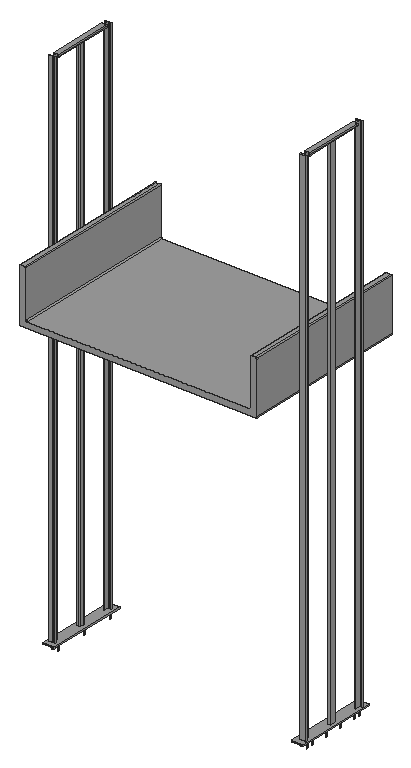
Revit family "2SE_Trez_TC_2C_1000_With_Pit", category Specialty Equipment, Revit 2019
Family settings
  Round Connector Dimension = Use Diameter
  Part Type = Normal
  Work Plane-Based = No
  Always vertical = Yes
  Cut with Voids When Loaded = Yes
  Shared = No
  Room Calculation Point = No
Parameters (values of type "Platform-3300x2480mm with Door Height 2500mm")
  Shaft = TREZ_Shaft_Space
  Safe Working Load = 1000.00 kg  # constant formula
  Safe Space = if(Cabin or Platform = Cabin, 900.0 mm, if(and(Cabin or Platform = Platform, Door Clear Height > 1900.0 mm), 600.0 mm, 0.0 mm))  # 600.0 mm
  Platform = Speciality_Equipment_Trez_Platform : Platform
  Door Clear Width = Clear Width  # 3300.0 mm
  Door Clear Height = 2500.0 mm
  Clear Width = 3300.0 mm
  URL = "https://trez.bg/en/products/goods-only-lift-tc/tc-2c-lift-2-cylinders/"
  Shaft Width = Real Width + 2 * Clearance  # 3920.0 mm
  Shaft Depth = Real Depth + 100.0 mm  # 2580.0 mm
  Tower Cladding Material = TREZ_Steel_Cladding
  Real Width = if(Clear Width < 1200.0 mm, 1200.0 mm, if(Clear Width > 3300.0 mm, 3300.0 mm, Clear Width))  # 3300.0 mm
  Real Depth = if(Clear Depth < 1200.0 mm, 1200.0 mm, if(Clear Depth > 2480.0 mm, 2480.0 mm, Clear Depth))  # 2480.0 mm
  Profiles Material = TREZ_Steel
  Platform Material = TREZ_Steel
  Pit Height = 120.0 mm  # constant formula
  Travel = 4500.0 mm
  Rail Height = Travel + Pit Height + Headroom  # 7720.0 mm
  Model = "TC 2C 1000"
  Manufacturer = "TREZ Ltd."
  Headroom = Door Clear Height + Safe Space  # 3100.0 mm
  Description = "Hydraulic goods only lift with two cylinders."  # constant formula
  Clear Depth = 2480.0 mm
  Created By URL = "https://all1studio.com/"
  Created By = "All 1 Studio Ltd."
  Clearance = 310.0 mm  # constant formula
  Cabin or Platform Back = no
  Cabin or Platform = Speciality_Equipment_Trez_Platform : Platform
  Cabin = Speciality_Equipment_Trez_Cabin : Cabin
Reference planes
  plane 1 "Center (Front/Back)": y = 0
  plane 2: z = 0
  plane 3 "Center (Left/Right)": x = 0
  plane 4: x = -1650
  plane 5: x = 1650
  plane 6: y = 1240
  plane 7: y = -1240
  plane 8: x = 1960
  plane 9: x = -1960
  plane 10: y = 1290
  plane 11: y = -1290
  plane 12: z = 4500
  plane 13 "Top of Lift": z = 7600
  plane 14 "Pit": z = -120
  plane 15: x = -1828.5
  plane 16: x = 1828.5
  plane 17: z = 7540
  plane 18: z = 40
  plane 19: z = -145
Forms (mm)
  Extrusion 1, void
    sketch origin (0, 0, 0) x (1, 0, 0) y (0, 1, 0)
      loop
        line (-1960, 1290) -> (-1960, -1290) -> (1960, -1290) -> (1960, 1290) -> (-1960, 1290)
    from 0 to -120
Lines and regions (mm)
  symbolic lines, style "Platform"
    curve 1: line (-1650, 1240, 0) -> (1650, 1240, 0)
    curve 2: line (-1650, -1240, 0) -> (-1650, 1240, 0)
    curve 3: line (1650, -1240, 0) -> (-1650, -1240, 0)
    curve 4: line (1650, 1240, 0) -> (1650, -1240, 0)
    curve 5: line (-1650, 1240, 0) -> (1650, -1240, 0)
    curve 6: line (1650, 1240, 0) -> (-1650, -1240, 0)
  symbolic lines, style "Shaft Volume"
    curve 7: line (-1960, 1290, 0) -> (1960, 1290, 0)
    curve 8: line (-1960, -1290, 0) -> (-1960, 1290, 0)
    curve 9: line (1960, -1290, 0) -> (-1960, -1290, 0)
    curve 10: line (1960, 1290, 0) -> (1960, -1290, 0)
    curve 11: line (-1960, 0, 7600) -> (1960, 0, 7600)
    curve 12: line (-1960, 0, 0) -> (-1960, 0, 7600)
    curve 13: line (1960, 0, 0) -> (-1960, 0, 0)
    curve 14: line (1960, 0, 7600) -> (1960, 0, 0)
    curve 15: line (0, 1290, 7600) -> (0, -1290, 7600)
    curve 16: line (0, 1290, 0) -> (0, 1290, 7600)
    curve 17: line (0, -1290, 0) -> (0, 1290, 0)
    curve 18: line (0, -1290, 7600) -> (0, -1290, 0)
Dimensions and locks
  equal spacing: plane 4, plane 3 "Center (Left/Right)", plane 5
  "Real Width": plane 4 to plane 5
  equal spacing: plane 7, plane 1 "Center (Front/Back)", plane 6
  "Real Depth": plane 7 to plane 6
  "Travel": plane 12 to level
  "Pit Height": level to plane 14 "Pit"
  "Headroom": plane 13 "Top of Lift" to plane 12
  locked: plane 13 "Top of Lift" to plane 17 at 60
  locked: plane 18 to level at 40
  locked: level to plane 19 at 145
  locked: plane 7 to plane 11 at 50
  locked: plane 6 to plane 10 at 50
  "Clearance": plane 9 to plane 4
  "Clearance": plane 5 to plane 8
  locked: plane 16 to plane 8 at 131.5
  locked: plane 9 to plane 15 at 131.5
  aligned and locked: level to plane 2
  aligned and locked: Extrusion 1 to plane 14 "Pit"
  aligned and locked: plane 1 "Center (Front/Back)" to nested 1
  aligned and locked: plane 3 "Center (Left/Right)" to nested 1
  aligned and locked: plane 15 to nested 2
  aligned and locked: nested 3 to plane 16
  aligned and locked: nested 2 to plane 14 "Pit"
  aligned and locked: plane 14 "Pit" to nested 3
  aligned and locked: plane 1 "Center (Front/Back)" to nested 2
  aligned and locked: nested 3 to plane 1 "Center (Front/Back)"
  aligned and locked: plane 12 to nested 1
  aligned and locked: plane 10 to curve 7
  aligned and locked: plane 9 to curve 8
  aligned and locked: plane 11 to curve 9
  aligned and locked: plane 8 to curve 10
  aligned and locked: curve 11 to plane 13 "Top of Lift"
  aligned and locked: plane 9 to curve 12
  aligned and locked: curve 13 to level
  aligned and locked: plane 8 to curve 14
  aligned and locked: plane 13 "Top of Lift" to curve 15
  aligned and locked: curve 16 to plane 10
  aligned and locked: curve 17 to level
  aligned and locked: curve 18 to plane 11
  aligned and locked: plane 10 to Extrusion 1 sketch curve
  aligned and locked: plane 9 to Extrusion 1 sketch curve
  aligned and locked: plane 11 to Extrusion 1 sketch curve
  aligned and locked: plane 8 to Extrusion 1 sketch curve
Automatic sketch dimensions
  curve 3 to plane 4 = 0.0 mm
  curve 4 to plane 5 = 0.0 mm
  curve 3 to plane 7 = 0.0 mm
  plane 6 to curve 2 = 0.0 mm
Nested families
  nested 1: "Speciality_Equipment_Trez_Platform" at (0, 0, 4500), type <- "Cabin or Platform", type "Platform"
    with Width 3300.0 mm, Depth 2480.0 mm, Back Board no
  nested 2: "Generic_Model_Trez_Rails" at (-1828.5, 0, -120), type "Rails"
    with Height 7720.0 mm
  nested 3: "Generic_Model_Trez_Rails" at (1828.5, 0, -120) x (-1, 0, 0) z (0, 0, 1), type "Rails"
    with Height 7720.0 mm
Definition of nested family "Speciality_Equipment_Trez_Platform"
  Parameters (values of type "Speciality_Equipment_Trez_Platform")
    Width = 3600.0 mm
    Platform Material = none
    Depth = 2900.0 mm
    Back Board = yes
  Reference planes
    plane 1 "Center (Front/Back)": y = 0
    plane 2 "Bottom": z = 0
    plane 3 "Center (Left/Right)": x = 0
    plane 4: x = 1800
    plane 5: x = -1800
    plane 6: y = 1450
    plane 7: y = -1450
    plane 8: x = -1889
    plane 9: x = 1889
    plane 10: y = 1485
    plane 11: z = -89
    plane 12: z = 709
  Forms (mm)
    Extrusion 1, solid, material <- "Platform Material", visible <- "Back Board"
      sketch origin (0, 0, 0) x (1, 0, 0) y (0, 1, 0)
        loop
          line (-1889, 1485) -> (-1889, 1450) -> (1889, 1450) -> (1889, 1485) -> (-1889, 1485)
      from 0 to 709
    Extrusion 2, solid, material <- "Platform Material", detail levels coarse+medium
      sketch origin (0, 0, 0) x (1, 0, 0) y (0, 0, 1)
        loop
          line (-1800, 709) -> (-1889, 709) -> (-1889, -89) -> (1889, -89) -> (1889, 709) -> (1800, 709) -> (1800, 0) -> (-1800, 0) -> (-1800, 709)
      from -1450 to 1450
    Extrusion 3, solid, material <- "Platform Material", detail levels fine
      sketch origin (0, 0, 0) x (1, 0, 0) y (0, 0, 1)
        loop
          arc (-1874, 709) -> (-1884.607, 704.607) -> (-1889, 694) r 15
          line (-1889, 694) -> (-1889, -74)
          arc (-1889, -74) -> (-1884.607, -84.607) -> (-1874, -89) r 15
          line (-1874, -89) -> (1874, -89)
          arc (1874, -89) -> (1884.607, -84.607) -> (1889, -74) r 15
          line (1889, -74) -> (1889, 694)
          arc (1889, 694) -> (1884.607, 704.607) -> (1874, 709) r 15
          line (1874, 709) -> (1815, 709)
          arc (1815, 709) -> (1804.393, 704.607) -> (1800, 694) r 15
          line (1800, 694) -> (1800, 15)
          arc (1800, 15) -> (1795.607, 4.393) -> (1785, 0) r 15
          line (1785, 0) -> (-1785, 0)
          arc (-1785, 0) -> (-1795.607, 4.393) -> (-1800, 15) r 15
          line (-1800, 15) -> (-1800, 694)
          arc (-1800, 694) -> (-1804.393, 704.607) -> (-1815, 709) r 15
          line (-1815, 709) -> (-1874, 709)
      from -1450 to 1450
  Dimensions and locks
    equal spacing: plane 5, plane 3 "Center (Left/Right)", plane 4
    "Width": plane 5 to plane 4
    equal spacing: plane 7, plane 1 "Center (Front/Back)", plane 6
    "Depth": plane 6 to plane 7
    locked: plane 8 to plane 5 at 89
    locked: plane 4 to plane 9 at 89
    locked: plane 10 to plane 6 at 35
    locked: plane 2 "Bottom" to plane 11 at 89
    locked: plane 12 to plane 2 "Bottom" at 709
    aligned and locked: level to plane 2 "Bottom"
    aligned and locked: Extrusion 1 sketch curve to plane 10
    aligned and locked: plane 8 to Extrusion 1 sketch curve
    aligned and locked: plane 5 to Extrusion 2 sketch curve
    aligned and locked: plane 8 to Extrusion 2 sketch curve
    aligned and locked: Extrusion 2 sketch curve to plane 9
    aligned and locked: Extrusion 2 sketch curve to plane 4
    aligned and locked: Extrusion 2 sketch curve to plane 2 "Bottom"
    aligned and locked: Extrusion 2 sketch curve to plane 11
    aligned and locked: Extrusion 2 sketch curve to plane 12
    aligned and locked: Extrusion 2 to plane 6
    aligned and locked: Extrusion 2 to plane 7
    aligned and locked: Extrusion 3 sketch curve to plane 12
    aligned and locked: plane 8 to Extrusion 3 sketch curve
    aligned and locked: plane 5 to Extrusion 3 sketch curve
    aligned and locked: Extrusion 3 sketch curve to plane 4
    aligned and locked: Extrusion 3 sketch curve to plane 9
    aligned and locked: Extrusion 3 sketch curve to plane 2 "Bottom"
    aligned and locked: Extrusion 3 sketch curve to plane 11
    aligned and locked: Extrusion 3 to plane 7
    aligned and locked: Extrusion 3 to plane 6
  Automatic sketch dimensions
    plane 12 to Extrusion 2 sketch curve = 0.0 mm
    Extrusion 1 sketch curve to plane 6 = 0.0 mm
    Extrusion 1 sketch curve to plane 9 = 0.0 mm
    Extrusion 3 sketch curve to plane 12 = 0.0 mm
    Extrusion 3 sketch curve to Extrusion 3 sketch curve = 15.0 mm  (x4)
    plane 5 to Extrusion 3 sketch curve = 15.0 mm
    Extrusion 3 sketch curve to plane 4 = 15.0 mm
    plane 4 to Extrusion 3 sketch curve = 15.0 mm
    Extrusion 3 sketch curve to plane 9 = 15.0 mm
Definition of nested family "Generic_Model_Trez_Rails"
  Parameters (values of type "SE_Trez_Rails")
    Profiles Material = none
    Height = 8720.0 mm
  Reference planes
    plane 1 "Center (Front/Back)": y = 0
    plane 2: z = 0
    plane 3 "Center (Left/Right)": x = 0
    plane 4: x = 87.2
    plane 5: x = -87.2
    plane 6: y = 607.5
    plane 7: y = -607.5
    plane 8: z = 8720
    plane 9: z = 15
    plane 10: z = 8685
    plane 11: z = -95
  Forms (mm)
    Extrusion 1, solid, material <- "Profiles Material", detail levels fine
      sketch origin (0, 0, 0) x (1, 0, 0) y (0, 1, 0)
        loop
          line (77.2, 607.5) -> (-77.2, 607.5)
          arc (-77.2, 607.5) -> (-84.271, 604.571) -> (-87.2, 597.5) r 10
          line (-87.2, 597.5) -> (-87.2, -597.5)
          arc (-87.2, -597.5) -> (-84.271, -604.571) -> (-77.2, -607.5) r 10
          line (-77.2, -607.5) -> (77.2, -607.5)
          arc (77.2, -607.5) -> (84.271, -604.571) -> (87.2, -597.5) r 10
          line (87.2, -597.5) -> (87.2, 597.5)
          arc (87.2, 597.5) -> (84.271, 604.571) -> (77.2, 607.5) r 10
      from 0 to 15
    Extrusion 2, solid, material <- "Profiles Material", detail levels fine
      sketch origin (0, 0, 0) x (1, 0, 0) y (0, 1, 0)
        loop
          line (-61.5, -517.5) -> (28.5, -517.5) -> (28.5, -509.5) -> (-3.5, -509.5)
          arc (-3.5, -509.5) -> (-7.036, -508.036) -> (-8.5, -504.5) r 5
          line (-8.5, -504.5) -> (-8.5, -442.5) -> (-24.5, -442.5) -> (-24.5, -504.5)
          arc (-24.5, -504.5) -> (-25.964, -508.036) -> (-29.5, -509.5) r 5
          line (-29.5, -509.5) -> (-61.5, -509.5) -> (-61.5, -517.5)
        loop
          line (-37.94, -40) -> (-1.94, -40)
          arc (-1.94, -40) -> (8.667, -35.607) -> (13.06, -25) r 15
          line (13.06, -25) -> (13.06, 25)
          arc (13.06, 25) -> (8.667, 35.607) -> (-1.94, 40) r 15
          line (-1.94, 40) -> (-37.94, 40) -> (-37.94, -40)
        loop
          line (-61.5, 517.5) -> (-61.5, 509.5) -> (-29.5, 509.5)
          arc (-29.5, 509.5) -> (-25.964, 508.036) -> (-24.5, 504.5) r 5
          line (-24.5, 504.5) -> (-24.5, 442.5) -> (-8.5, 442.5) -> (-8.5, 504.5)
          arc (-8.5, 504.5) -> (-7.036, 508.036) -> (-3.5, 509.5) r 5
          line (-3.5, 509.5) -> (28.5, 509.5) -> (28.5, 517.5) -> (-61.5, 517.5)
      from 15 to 8720
    Extrusion 3, solid, material <- "Profiles Material", detail levels fine
      sketch origin (0, 0, 0) x (1, 0, 0) y (0, 0, 1)
        loop
          line (-51.5, 8720) -> (-51.5, 8690)
          arc (-51.5, 8690) -> (-50.036, 8686.464) -> (-46.5, 8685) r 5
          line (-46.5, 8685) -> (13.5, 8685)
          arc (13.5, 8685) -> (17.036, 8686.464) -> (18.5, 8690) r 5
          line (18.5, 8690) -> (18.5, 8720) -> (-51.5, 8720)
      from -442.5 to 442.5
    Extrusion 4, solid, material <- "Profiles Material", detail levels coarse+medium
      sketch origin (0, 0, 0) x (1, 0, 0) y (0, 1, 0)
        loop
          line (87.2, 607.5) -> (-87.2, 607.5) -> (-87.2, -607.5) -> (87.2, -607.5) -> (87.2, 607.5)
      from 0 to 15
    Extrusion 5, solid, material <- "Profiles Material", detail levels coarse+medium
      sketch origin (0, 0, 0) x (1, 0, 0) y (0, 1, 0)
        loop
          line (-61.5, -517.5) -> (28.5, -517.5) -> (28.5, -442.5) -> (-61.5, -442.5) -> (-61.5, -517.5)
        loop
          line (-37.94, -40) -> (13.06, -40) -> (13.06, 40) -> (-37.94, 40) -> (-37.94, -40)
        loop
          line (-61.5, 517.5) -> (-61.5, 442.5) -> (28.5, 442.5) -> (28.5, 517.5) -> (-61.5, 517.5)
      from 15 to 8720
    Extrusion 6, solid, material <- "Profiles Material", detail levels coarse+medium
      sketch origin (0, 0, 0) x (1, 0, 0) y (0, 0, 1)
        loop
          line (-51.5, 8720) -> (-51.5, 8690)
          arc (-51.5, 8690) -> (-50.036, 8686.464) -> (-46.5, 8685) r 5
          line (-46.5, 8685) -> (13.5, 8685)
          arc (13.5, 8685) -> (17.036, 8686.464) -> (18.5, 8690) r 5
          line (18.5, 8690) -> (18.5, 8720) -> (-51.5, 8720)
      from -442.5 to 442.5
    Extrusion 7, solid, material <- "Profiles Material", detail levels fine
      sketch origin (0, 0, 0) x (1, 0, 0) y (0, 1, 0)
        loop
          circle (46.2, 480) r 7.5
        loop
          circle (-43.8, 480) r 7.5
        loop
          circle (-43.8, 390) r 7.5
        loop
          circle (46.2, -480) r 7.5
        loop
          circle (-43.8, -480) r 7.5
        loop
          circle (-43.8, -390) r 7.5
        loop
          circle (-43.8, -130) r 7.5
        loop
          circle (-43.8, 130) r 7.5
        loop
          circle (46.2, 0.052) r 7.5
      from -95 to 0
  Cuts and joins
    joined: Extrusion 2, Extrusion 3
    joined: Extrusion 5, Extrusion 6
  Lines and regions (mm)
    symbolic lines
      curve 1: line (28.5, 442.5, 0) -> (-61.5, 442.5, 0)
      curve 2: line (28.5, 517.5, 0) -> (28.5, 442.5, 0)
      curve 3: line (-61.5, 517.5, 0) -> (28.5, 517.5, 0)
      curve 4: line (-61.5, 442.5, 0) -> (-61.5, 517.5, 0)
      curve 5: line (13.06, 40, 0) -> (-37.94, 40, 0)
      curve 6: line (13.06, -40, 0) -> (13.06, 40, 0)
      curve 7: line (-37.94, -40, 0) -> (13.06, -40, 0)
      curve 8: line (-37.94, 40, 0) -> (-37.94, -40, 0)
      curve 9: line (28.5, -442.5, 0) -> (-61.5, -442.5, 0)
      curve 10: line (28.5, -517.5, 0) -> (28.5, -442.5, 0)
      curve 11: line (-61.5, -517.5, 0) -> (28.5, -517.5, 0)
      curve 12: line (-61.5, -442.5, 0) -> (-61.5, -517.5, 0)
      curve 13: line (87.2, -607.5, 0) -> (-87.2, -607.5, 0)
      curve 14: line (87.2, 607.5, 0) -> (87.2, -607.5, 0)
      curve 15: line (-87.2, 607.5, 0) -> (87.2, 607.5, 0)
      curve 16: line (-87.2, -607.5, 0) -> (-87.2, 607.5, 0)
  Dimensions and locks
    equal spacing: plane 5, plane 3 "Center (Left/Right)", plane 4
    plane 5 to plane 4 = 174.4 mm
    equal spacing: plane 6, plane 1 "Center (Front/Back)", plane 7
    plane 7 to plane 6 = 1215.0 mm
    "Height": plane 8 to plane 2
    locked: plane 9 to plane 2 at 15
    locked: plane 8 to Extrusion 3 sketch curve at 35
    locked: plane 8 to plane 10 at 35
    locked: plane 2 to plane 11 at 95
    aligned and locked: level to plane 2
    aligned and locked: Extrusion 1 sketch curve to plane 6
    aligned and locked: plane 4 to Extrusion 1 sketch curve
    aligned and locked: Extrusion 1 sketch curve to plane 7
    aligned and locked: plane 5 to Extrusion 1 sketch curve
    aligned and locked: plane 8 to Extrusion 2
    aligned and locked: Extrusion 1 to plane 9
    aligned and locked: plane 9 to Extrusion 2
    aligned and locked: Extrusion 4 sketch curve to plane 6
    aligned and locked: plane 4 to Extrusion 4 sketch curve
    aligned and locked: Extrusion 4 sketch curve to plane 7
    aligned and locked: plane 5 to Extrusion 4 sketch curve
    aligned and locked: Extrusion 4 to plane 9
    aligned and locked: Extrusion 4 to plane 2
    aligned and locked: plane 8 to Extrusion 5
    aligned and locked: plane 8 to Extrusion 3 sketch curve
    aligned and locked: Extrusion 3 to Extrusion 5  (x2)
    aligned and locked: Extrusion 7 to plane 11
    aligned and locked: plane 2 to Extrusion 7
  Automatic sketch dimensions
    Extrusion 2 sketch curve to plane 5 = 25.7 mm  (x2)
    Extrusion 2 sketch curve to plane 3 "Center (Left/Right)" = 29.5 mm  (x2)
    Extrusion 2 sketch curve to Extrusion 2 sketch curve = 5.0 mm
    Extrusion 2 sketch curve to plane 3 "Center (Left/Right)" = 24.5 mm
    Extrusion 2 sketch curve to plane 3 "Center (Left/Right)" = 8.5 mm  (x2)
    Extrusion 2 sketch curve to plane 3 "Center (Left/Right)" = 3.5 mm  (x2)
    Extrusion 2 sketch curve to plane 3 "Center (Left/Right)" = 1.94 mm  (x2)
    Extrusion 2 sketch curve to Extrusion 2 sketch curve = 15.0 mm
    plane 3 "Center (Left/Right)" to Extrusion 2 sketch curve = 28.5 mm  (x2)
    plane 7 to Extrusion 2 sketch curve = 90.0 mm
    Extrusion 2 sketch curve to Extrusion 2 sketch curve = 8.0 mm  (x3)
    Extrusion 2 sketch curve to Extrusion 2 sketch curve = 62.0 mm  (x2)
    Extrusion 2 sketch curve to plane 1 "Center (Front/Back)" = 25.0 mm
    plane 6 to Extrusion 2 sketch curve = 165.0 mm
    Extrusion 2 sketch curve to Extrusion 2 sketch curve = 0.0 mm
    Extrusion 2 sketch curve to plane 3 "Center (Left/Right)" = 37.94 mm
    plane 1 "Center (Front/Back)" to Extrusion 2 sketch curve = 40.0 mm
    Extrusion 3 sketch curve to Extrusion 3 sketch curve = 5.0 mm  (x2)
    plane 3 "Center (Left/Right)" to Extrusion 3 sketch curve = 13.5 mm
    Extrusion 3 sketch curve to plane 5 = 40.7 mm
    Extrusion 1 sketch curve to plane 5 = 10.0 mm
    Extrusion 1 sketch curve to Extrusion 1 sketch curve = 10.0 mm
    Extrusion 1 sketch curve to plane 4 = 10.0 mm  (x2)
    Extrusion 5 sketch curve to plane 5 = 25.7 mm  (x2)
    Extrusion 5 sketch curve to plane 3 "Center (Left/Right)" = 37.94 mm
    plane 3 "Center (Left/Right)" to Extrusion 5 sketch curve = 28.5 mm  (x2)
    plane 3 "Center (Left/Right)" to Extrusion 5 sketch curve = 13.06 mm
    plane 7 to Extrusion 5 sketch curve = 90.0 mm
    plane 1 "Center (Front/Back)" to Extrusion 5 sketch curve = 40.0 mm
    plane 6 to Extrusion 5 sketch curve = 165.0 mm
    Extrusion 5 sketch curve to Extrusion 5 sketch curve = 75.0 mm  (x2)
    Extrusion 5 sketch curve to plane 1 "Center (Front/Back)" = 40.0 mm
    Extrusion 6 sketch curve to plane 8 = 0.0 mm
    Extrusion 6 sketch curve to plane 10 = 0.0 mm
    plane 10 to Extrusion 6 sketch curve = 5.0 mm  (x2)
    Extrusion 6 sketch curve to plane 5 = 35.7 mm
    plane 3 "Center (Left/Right)" to Extrusion 6 sketch curve = 13.5 mm
    curve 16 to plane 5 = 0.0 mm
    curve 15 to plane 4 = 0.0 mm
    curve 13 to plane 7 = 0.0 mm
    plane 6 to curve 15 = 0.0 mm
    curve 3 to plane 5 = 25.7 mm
    curve 12 to plane 5 = 25.7 mm
    curve 5 to plane 3 "Center (Left/Right)" = 37.94 mm
    plane 3 "Center (Left/Right)" to curve 5 = 13.06 mm
    plane 3 "Center (Left/Right)" to curve 11 = 28.5 mm
    plane 3 "Center (Left/Right)" to curve 2 = 28.5 mm
    plane 7 to curve 11 = 90.0 mm
    curve 10 to curve 10 = 75.0 mm
    plane 1 "Center (Front/Back)" to curve 7 = 40.0 mm
    curve 5 to plane 1 "Center (Front/Back)" = 40.0 mm
    plane 6 to curve 2 = 165.0 mm
    curve 1 to curve 3 = 75.0 mm
    Extrusion 7 sketch curve to plane 5 = 43.4 mm  (x6)
    Extrusion 7 sketch curve to plane 4 = 41.0 mm  (x3)
    plane 7 to Extrusion 7 sketch curve = 127.5 mm
    Extrusion 7 sketch curve to Extrusion 7 sketch curve = 0.0 mm  (x2)
    Extrusion 7 sketch curve to Extrusion 7 sketch curve = 90.0 mm  (x2)
    plane 6 to Extrusion 7 sketch curve = 217.5 mm
    Extrusion 7 sketch curve to plane 1 "Center (Front/Back)" = 0.052 mm
    plane 1 "Center (Front/Back)" to Extrusion 7 sketch curve = 130.0 mm
    Extrusion 7 sketch curve to plane 1 "Center (Front/Back)" = 130.0 mm
    radius of Extrusion 7 sketch curve = 7.5 mm  (x9)
